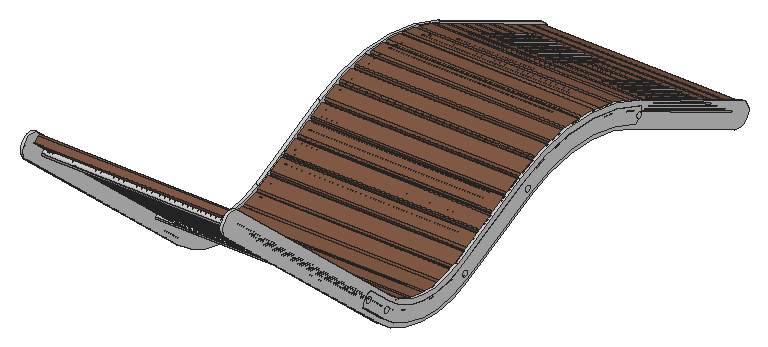
Revit family "FS_Лежак парковый_7_R16", category Антураж, Revit 2016
Family settings
  На основе рабочей плоскости = Нет
  Всегда вертикально = Да
  При загрузке вырезать с полостями = Нет
  Источник визуального образа = Геометрия семейства
  Общий = Нет
  Точка расчета площади = Нет
Parameters (values of type "Лежак парковый 7 0.67м")
  Стоимость = 24450
  Комментарии к типоразмеру = "Материалы: сталь, брус"  # constant formula
  Изготовитель = "ООО 'Хоббика'"  # constant formula
  Высота = 0 mm
  URL = "https://hobbyka.ru/product/parkovyy_lezhak_7/"
  ADSK_Размер_Ширина = 670 mm  # constant formula
  ADSK_Размер_Длина = 2230 mm  # constant formula
  ADSK_Размер_Высота = 691 mm  # constant formula
  ADSK_Наименование = "Лежак парковый 7 0.67м"
  ADSK_Материал опоры = FS_Сталь
  ADSK_Материал крепления = FS_Цинк
  ADSK_Материал доски = FS_Древесина
  ADSK_Код изделия = "10001"  # constant formula
Reference planes
  plane 1 "По центру (Вперед/Назад)": y = 0
  plane 2: z = 0
  plane 3 "По центру (Влево/Вправо)": x = 0
  plane 4: x = -335
  plane 5: x = 335
Forms (mm)
  Extrusion 1, solid, material "FS_Сталь" <- "ADSK_Материал опоры"
    sketch origin (0, 0, 0) x (0, 1, 0) y (0, 0, 1)
      loop
        circle (-1146.494, 612.625) r 9
      loop
        circle (-662.618, 206.605) r 9
      loop
        circle (-386.234, 41.643) r 9
      loop
        circle (-80.753, 145.982) r 9
      loop
        circle (617.034, 192.698) r 9
      loop
        circle (941.729, 48.135) r 9
    from -335 to 335
  Extrusion 2, solid, material "FS_Сталь" <- "ADSK_Материал опоры"
    sketch origin (0, 0, 0) x (0, 1, 0) y (0, 0, 1)
      loop
        circle (-1133.386, 609.458) r 1
      loop
        circle (-1115.001, 594.031) r 1
      loop
        circle (-1096.616, 578.605) r 1
      loop
        circle (-1078.231, 563.178) r 1
      loop
        circle (-1059.846, 547.751) r 1
      loop
        circle (-1041.461, 532.324) r 1
      loop
        circle (-1023.076, 516.897) r 1
      loop
        circle (-1004.691, 501.47) r 1
      loop
        circle (-986.306, 486.043) r 1
      loop
        circle (-967.92, 470.616) r 1
      loop
        circle (-949.535, 455.189) r 1
      loop
        circle (-931.15, 439.762) r 1
      loop
        circle (-912.765, 424.336) r 1
      loop
        circle (-894.38, 408.909) r 1
      loop
        circle (-875.995, 393.482) r 1
      loop
        circle (-857.61, 378.055) r 1
      loop
        circle (-839.225, 362.628) r 1
      loop
        circle (-820.84, 347.201) r 1
      loop
        circle (-802.455, 331.774) r 1
      loop
        circle (-784.07, 316.347) r 1
      loop
        circle (-765.685, 300.92) r 1
      loop
        circle (-747.3, 285.493) r 1
      loop
        circle (-728.915, 270.066) r 1
      loop
        circle (-710.53, 254.64) r 1
      loop
        circle (-692.144, 239.213) r 1
      loop
        circle (-673.759, 223.786) r 1
      loop
        circle (-655.374, 208.359) r 1
      loop
        circle (-636.989, 192.932) r 1
      loop
        circle (-618.604, 177.505) r 1
      loop
        circle (-600.219, 162.078) r 1
      loop
        circle (-581.834, 146.651) r 1
      loop
        circle (-563.449, 131.224) r 1
      loop
        circle (-545.064, 115.797) r 1
      loop
        circle (-526.146, 101.039) r 1
      loop
        circle (-506.091, 87.869) r 1
      loop
        circle (-485.028, 76.378) r 1
      loop
        circle (-463.098, 66.643) r 1
      loop
        circle (-440.448, 58.729) r 1
      loop
        circle (-417.227, 52.688) r 1
      loop
        circle (-393.592, 48.56) r 1
      loop
        circle (-369.698, 46.374) r 1
      loop
        circle (-345.706, 46.143) r 1
      loop
        circle (-321.775, 47.869) r 1
      loop
        circle (-298.064, 51.541) r 1
      loop
        circle (-274.732, 57.134) r 1
      loop
        circle (-251.933, 64.611) r 1
      loop
        circle (-229.82, 73.923) r 1
      loop
        circle (-208.467, 84.871) r 1
      loop
        circle (-187.276, 96.139) r 1
      loop
        circle (-166.085, 107.406) r 1
      loop
        circle (-144.894, 118.673) r 1
      loop
        circle (-123.704, 129.941) r 1
      loop
        circle (-102.513, 141.208) r 1
      loop
        circle (-81.322, 152.475) r 1
      loop
        circle (-60.131, 163.742) r 1
      loop
        circle (-38.941, 175.01) r 1
      loop
        circle (-17.75, 186.277) r 1
      loop
        circle (3.441, 197.544) r 1
      loop
        circle (24.631, 208.812) r 1
      loop
        circle (45.822, 220.079) r 1
      loop
        circle (67.174, 231.034) r 1
      loop
        circle (88.979, 241.056) r 1
      loop
        circle (111.204, 250.11) r 1
      loop
        circle (133.805, 258.179) r 1
      loop
        circle (156.738, 265.247) r 1
      loop
        circle (179.961, 271.3) r 1
      loop
        circle (203.426, 276.328) r 1
      loop
        circle (227.09, 280.319) r 1
      loop
        circle (250.906, 283.266) r 1
      loop
        circle (274.829, 285.164) r 1
      loop
        circle (298.812, 286.009) r 1
      loop
        circle (322.81, 285.8) r 1
      loop
        circle (346.774, 284.536) r 1
      loop
        circle (370.66, 282.22) r 1
      loop
        circle (394.422, 278.857) r 1
      loop
        circle (418.012, 274.453) r 1
      loop
        circle (441.386, 269.016) r 1
      loop
        circle (464.499, 262.558) r 1
      loop
        circle (487.306, 255.091) r 1
      loop
        circle (509.762, 246.628) r 1
      loop
        circle (531.831, 237.201) r 1
      loop
        circle (553.756, 227.439) r 1
      loop
        circle (575.682, 217.677) r 1
      loop
        circle (597.607, 207.916) r 1
      loop
        circle (619.532, 198.154) r 1
      loop
        circle (641.457, 188.392) r 1
      loop
        circle (663.382, 178.631) r 1
      loop
        circle (685.307, 168.869) r 1
      loop
        circle (707.232, 159.107) r 1
      loop
        circle (729.157, 149.346) r 1
      loop
        circle (751.082, 139.584) r 1
      loop
        circle (773.007, 129.822) r 1
      loop
        circle (794.932, 120.061) r 1
      loop
        circle (816.858, 110.299) r 1
      loop
        circle (838.783, 100.537) r 1
      loop
        circle (860.708, 90.776) r 1
      loop
        circle (882.633, 81.014) r 1
      loop
        circle (904.558, 71.252) r 1
      loop
        circle (926.483, 61.491) r 1
    from -335 to 335
  Sweep 3, solid, material "FS_Сталь" <- "ADSK_Материал опоры"
    path origin (0, 0, 0) x (0, 1, 0) y (0, 0, 1)
      loop
        line (-1142.694, 617.153) -> (-543.855, 114.783)
        arc (-543.855, 114.783) -> (-385.607, 47.61) -> (-216.851, 80.413) r 294
        line (-216.851, 80.413) -> (49.711, 222.147)
        arc (49.711, 222.147) -> (286.987, 285.725) -> (528.12, 238.853) r 546
        line (528.12, 238.853) -> (944.17, 53.616)
    profile "Профиль_Круг : D2" origin (0, -843.274, 365.968) x (0, 0.642701, 0.766117) y (1, 0, 0)
      loop
        circle (0, 0) r 1
  Sweep 4, solid, material "FS_Сталь" <- "ADSK_Материал опоры"
    path origin (-23.9, 0, 0) x (0, 1, 0) y (0, 0, 1)
      loop
        line (-1142.694, 617.153) -> (-543.855, 114.783)
        arc (-543.855, 114.783) -> (-385.607, 47.61) -> (-216.851, 80.413) r 294
        line (-216.851, 80.413) -> (49.71, 222.146)
        arc (49.71, 222.146) -> (286.987, 285.725) -> (528.12, 238.853) r 546
        line (528.12, 238.853) -> (944.17, 53.616)
    profile "Профиль_Круг : D2" origin (-23.9, -843.274, 365.968) x (0, 0.642701, 0.766117) y (1, 0, 0)
      loop
        circle (0, 0) r 1
  Sweep 5, solid, material "FS_Сталь" <- "ADSK_Материал опоры"
    path origin (-47.8, 0, 0) x (0, 1, 0) y (0, 0, 1)
      loop
        line (-1142.694, 617.153) -> (-543.855, 114.783)
        arc (-543.855, 114.783) -> (-385.607, 47.61) -> (-216.851, 80.413) r 294
        line (-216.851, 80.413) -> (49.71, 222.146)
        arc (49.71, 222.146) -> (286.987, 285.725) -> (528.12, 238.853) r 546
        line (528.12, 238.853) -> (944.17, 53.616)
    profile "Профиль_Круг : D2" origin (-47.8, -843.274, 365.968) x (0, 0.642701, 0.766117) y (1, 0, 0)
      loop
        circle (0, 0) r 1
  Sweep 6, solid, material "FS_Сталь" <- "ADSK_Материал опоры"
    path origin (-71.7, 0, 0) x (0, 1, 0) y (0, 0, 1)
      loop
        line (-1142.694, 617.153) -> (-543.855, 114.783)
        arc (-543.855, 114.783) -> (-385.607, 47.61) -> (-216.851, 80.413) r 294
        line (-216.851, 80.413) -> (49.71, 222.146)
        arc (49.71, 222.146) -> (286.987, 285.725) -> (528.12, 238.853) r 546
        line (528.12, 238.853) -> (944.17, 53.616)
    profile "Профиль_Круг : D2" origin (-71.7, -843.274, 365.968) x (0, 0.642701, 0.766117) y (1, 0, 0)
      loop
        circle (0, 0) r 1
  Sweep 7, solid, material "FS_Сталь" <- "ADSK_Материал опоры"
    path origin (-95.6, 0, 0) x (0, 1, 0) y (0, 0, 1)
      loop
        line (-1142.694, 617.153) -> (-543.855, 114.783)
        arc (-543.855, 114.783) -> (-385.607, 47.61) -> (-216.851, 80.413) r 294
        line (-216.851, 80.413) -> (49.71, 222.146)
        arc (49.71, 222.146) -> (286.987, 285.725) -> (528.12, 238.853) r 546
        line (528.12, 238.853) -> (944.17, 53.616)
    profile "Профиль_Круг : D2" origin (-95.6, -843.274, 365.968) x (0, 0.642701, 0.766117) y (1, 0, 0)
      loop
        circle (0, 0) r 1
  Sweep 8, solid, material "FS_Сталь" <- "ADSK_Материал опоры"
    path origin (-119.5, 0, 0) x (0, 1, 0) y (0, 0, 1)
      loop
        line (-1142.694, 617.153) -> (-543.855, 114.783)
        arc (-543.855, 114.783) -> (-385.607, 47.61) -> (-216.851, 80.413) r 294
        line (-216.851, 80.413) -> (49.71, 222.146)
        arc (49.71, 222.146) -> (286.987, 285.725) -> (528.12, 238.853) r 546
        line (528.12, 238.853) -> (944.17, 53.616)
    profile "Профиль_Круг : D2" origin (-119.5, -843.274, 365.968) x (0, 0.642701, 0.766117) y (1, 0, 0)
      loop
        circle (0, 0) r 1
  Sweep 9, solid, material "FS_Сталь" <- "ADSK_Материал опоры"
    path origin (-143.4, 0, 0) x (0, 1, 0) y (0, 0, 1)
      loop
        line (-1142.694, 617.153) -> (-543.855, 114.783)
        arc (-543.855, 114.783) -> (-385.607, 47.61) -> (-216.851, 80.413) r 294
        line (-216.851, 80.413) -> (49.71, 222.146)
        arc (49.71, 222.146) -> (286.987, 285.725) -> (528.12, 238.853) r 546
        line (528.12, 238.853) -> (944.17, 53.616)
    profile "Профиль_Круг : D2" origin (-143.4, -843.274, 365.968) x (0, 0.642701, 0.766117) y (1, 0, 0)
      loop
        circle (0, 0) r 1
  Sweep 10, solid, material "FS_Сталь" <- "ADSK_Материал опоры"
    path origin (-167.3, 0, 0) x (0, 1, 0) y (0, 0, 1)
      loop
        line (-1142.694, 617.153) -> (-543.855, 114.783)
        arc (-543.855, 114.783) -> (-385.607, 47.61) -> (-216.851, 80.413) r 294
        line (-216.851, 80.413) -> (49.71, 222.146)
        arc (49.71, 222.146) -> (286.987, 285.725) -> (528.12, 238.853) r 546
        line (528.12, 238.853) -> (944.17, 53.616)
    profile "Профиль_Круг : D2" origin (-167.3, -843.274, 365.968) x (0, 0.642701, 0.766117) y (1, 0, 0)
      loop
        circle (0, 0) r 1
  Sweep 11, solid, material "FS_Сталь" <- "ADSK_Материал опоры"
    path origin (-191.2, 0, 0) x (0, 1, 0) y (0, 0, 1)
      loop
        line (-1142.694, 617.153) -> (-543.855, 114.783)
        arc (-543.855, 114.783) -> (-385.607, 47.61) -> (-216.851, 80.413) r 294
        line (-216.851, 80.413) -> (49.71, 222.146)
        arc (49.71, 222.146) -> (286.987, 285.725) -> (528.12, 238.853) r 546
        line (528.12, 238.853) -> (944.17, 53.616)
    profile "Профиль_Круг : D2" origin (-191.2, -843.274, 365.968) x (0, 0.642701, 0.766117) y (1, 0, 0)
      loop
        circle (0, 0) r 1
  Sweep 12, solid, material "FS_Сталь" <- "ADSK_Материал опоры"
    path origin (-215.1, 0, 0) x (0, 1, 0) y (0, 0, 1)
      loop
        line (-1142.694, 617.153) -> (-543.855, 114.783)
        arc (-543.855, 114.783) -> (-385.607, 47.61) -> (-216.851, 80.413) r 294
        line (-216.851, 80.413) -> (49.71, 222.146)
        arc (49.71, 222.146) -> (286.987, 285.725) -> (528.12, 238.853) r 546
        line (528.12, 238.853) -> (944.17, 53.616)
    profile "Профиль_Круг : D2" origin (-215.1, -843.274, 365.968) x (0, 0.642701, 0.766117) y (1, 0, 0)
      loop
        circle (0, 0) r 1
  Sweep 13, solid, material "FS_Сталь" <- "ADSK_Материал опоры"
    path origin (-239, 0, 0) x (0, 1, 0) y (0, 0, 1)
      loop
        line (-1142.694, 617.153) -> (-543.855, 114.783)
        arc (-543.855, 114.783) -> (-385.607, 47.61) -> (-216.851, 80.413) r 294
        line (-216.851, 80.413) -> (49.71, 222.146)
        arc (49.71, 222.146) -> (286.987, 285.725) -> (528.12, 238.853) r 546
        line (528.12, 238.853) -> (944.17, 53.616)
    profile "Профиль_Круг : D2" origin (-239, -843.274, 365.968) x (0, 0.642701, 0.766117) y (1, 0, 0)
      loop
        circle (0, 0) r 1
  Sweep 14, solid, material "FS_Сталь" <- "ADSK_Материал опоры"
    path origin (-262.9, 0, 0) x (0, 1, 0) y (0, 0, 1)
      loop
        line (-1142.694, 617.153) -> (-543.855, 114.783)
        arc (-543.855, 114.783) -> (-385.607, 47.61) -> (-216.851, 80.413) r 294
        line (-216.851, 80.413) -> (49.71, 222.146)
        arc (49.71, 222.146) -> (286.987, 285.725) -> (528.12, 238.853) r 546
        line (528.12, 238.853) -> (944.17, 53.616)
    profile "Профиль_Круг : D2" origin (-262.9, -843.274, 365.968) x (0, 0.642701, 0.766117) y (1, 0, 0)
      loop
        circle (0, 0) r 1
  Sweep 15, solid, material "FS_Сталь" <- "ADSK_Материал опоры"
    path origin (-286.8, 0, 0) x (0, 1, 0) y (0, 0, 1)
      loop
        line (-1142.694, 617.153) -> (-543.855, 114.783)
        arc (-543.855, 114.783) -> (-385.607, 47.61) -> (-216.851, 80.413) r 294
        line (-216.851, 80.413) -> (49.71, 222.146)
        arc (49.71, 222.146) -> (286.987, 285.725) -> (528.12, 238.853) r 546
        line (528.12, 238.853) -> (944.17, 53.616)
    profile "Профиль_Круг : D2" origin (-286.8, -843.274, 365.968) x (0, 0.642701, 0.766117) y (1, 0, 0)
      loop
        circle (0, 0) r 1
  Sweep 16, solid, material "FS_Сталь" <- "ADSK_Материал опоры"
    path origin (-310.7, 0, 0) x (0, 1, 0) y (0, 0, 1)
      loop
        line (-1142.694, 617.153) -> (-543.855, 114.783)
        arc (-543.855, 114.783) -> (-385.607, 47.61) -> (-216.851, 80.413) r 294
        line (-216.851, 80.413) -> (49.71, 222.146)
        arc (49.71, 222.146) -> (286.987, 285.725) -> (528.12, 238.853) r 546
        line (528.12, 238.853) -> (944.17, 53.616)
    profile "Профиль_Круг : D2" origin (-310.7, -843.274, 365.968) x (0, 0.642701, 0.766117) y (1, 0, 0)
      loop
        circle (0, 0) r 1
  Sweep 17, solid, material "FS_Сталь" <- "ADSK_Материал опоры"
    path origin (-334, 0, 0) x (0, 1, 0) y (0, 0, 1)
      loop
        line (-1142.694, 617.153) -> (-543.855, 114.783)
        arc (-543.855, 114.783) -> (-385.607, 47.61) -> (-216.851, 80.413) r 294
        line (-216.851, 80.413) -> (49.71, 222.146)
        arc (49.71, 222.146) -> (286.987, 285.725) -> (528.12, 238.853) r 546
        line (528.12, 238.853) -> (944.17, 53.616)
    profile "Профиль_Круг : D2" origin (-334, -843.274, 365.968) x (0, 0.642701, 0.766117) y (1, 0, 0)
      loop
        circle (0, 0) r 1
  Sweep 18, solid, material "FS_Сталь" <- "ADSK_Материал опоры"
    path origin (23.9, 0, 0) x (0, 1, 0) y (0, 0, -1)
      loop
        line (-1142.694, -617.153) -> (-543.855, -114.783)
        arc (-543.855, -114.783) -> (-385.607, -47.61) -> (-216.851, -80.413) r 294
        line (-216.851, -80.413) -> (49.71, -222.146)
        arc (49.71, -222.146) -> (286.987, -285.725) -> (528.12, -238.853) r 546
        line (528.12, -238.853) -> (944.17, -53.616)
    profile "Профиль_Круг : D2" origin (23.9, -843.274, 365.968) x (0, -0.642701, -0.766117) y (-1, 0, 0)
      loop
        circle (0, 0) r 1
  Sweep 19, solid, material "FS_Сталь" <- "ADSK_Материал опоры"
    path origin (47.8, 0, 0) x (0, 1, 0) y (0, 0, -1)
      loop
        line (-1142.694, -617.153) -> (-543.855, -114.783)
        arc (-543.855, -114.783) -> (-385.607, -47.61) -> (-216.851, -80.413) r 294
        line (-216.851, -80.413) -> (49.71, -222.146)
        arc (49.71, -222.146) -> (286.987, -285.725) -> (528.12, -238.853) r 546
        line (528.12, -238.853) -> (944.17, -53.616)
    profile "Профиль_Круг : D2" origin (47.8, -843.274, 365.968) x (0, -0.642701, -0.766117) y (-1, 0, 0)
      loop
        circle (0, 0) r 1
  Sweep 20, solid, material "FS_Сталь" <- "ADSK_Материал опоры"
    path origin (71.7, 0, 0) x (0, 1, 0) y (0, 0, -1)
      loop
        line (-1142.694, -617.153) -> (-543.855, -114.783)
        arc (-543.855, -114.783) -> (-385.607, -47.61) -> (-216.851, -80.413) r 294
        line (-216.851, -80.413) -> (49.71, -222.146)
        arc (49.71, -222.146) -> (286.987, -285.725) -> (528.12, -238.853) r 546
        line (528.12, -238.853) -> (944.17, -53.616)
    profile "Профиль_Круг : D2" origin (71.7, -843.274, 365.968) x (0, -0.642701, -0.766117) y (-1, 0, 0)
      loop
        circle (0, 0) r 1
  Sweep 21, solid, material "FS_Сталь" <- "ADSK_Материал опоры"
    path origin (95.6, 0, 0) x (0, 1, 0) y (0, 0, -1)
      loop
        line (-1142.694, -617.153) -> (-543.855, -114.783)
        arc (-543.855, -114.783) -> (-385.607, -47.61) -> (-216.851, -80.413) r 294
        line (-216.851, -80.413) -> (49.71, -222.146)
        arc (49.71, -222.146) -> (286.987, -285.725) -> (528.12, -238.853) r 546
        line (528.12, -238.853) -> (944.17, -53.616)
    profile "Профиль_Круг : D2" origin (95.6, -843.274, 365.968) x (0, -0.642701, -0.766117) y (-1, 0, 0)
      loop
        circle (0, 0) r 1
  Sweep 22, solid, material "FS_Сталь" <- "ADSK_Материал опоры"
    path origin (119.5, 0, 0) x (0, 1, 0) y (0, 0, -1)
      loop
        line (-1142.694, -617.153) -> (-543.855, -114.783)
        arc (-543.855, -114.783) -> (-385.607, -47.61) -> (-216.851, -80.413) r 294
        line (-216.851, -80.413) -> (49.71, -222.146)
        arc (49.71, -222.146) -> (286.987, -285.725) -> (528.12, -238.853) r 546
        line (528.12, -238.853) -> (944.17, -53.616)
    profile "Профиль_Круг : D2" origin (119.5, -843.274, 365.968) x (0, -0.642701, -0.766117) y (-1, 0, 0)
      loop
        circle (0, 0) r 1
  Sweep 23, solid, material "FS_Сталь" <- "ADSK_Материал опоры"
    path origin (143.4, 0, 0) x (0, 1, 0) y (0, 0, -1)
      loop
        line (-1142.694, -617.153) -> (-543.855, -114.783)
        arc (-543.855, -114.783) -> (-385.607, -47.61) -> (-216.851, -80.413) r 294
        line (-216.851, -80.413) -> (49.71, -222.146)
        arc (49.71, -222.146) -> (286.987, -285.725) -> (528.12, -238.853) r 546
        line (528.12, -238.853) -> (944.17, -53.616)
    profile "Профиль_Круг : D2" origin (143.4, -843.274, 365.968) x (0, -0.642701, -0.766117) y (-1, 0, 0)
      loop
        circle (0, 0) r 1
  Sweep 24, solid, material "FS_Сталь" <- "ADSK_Материал опоры"
    path origin (167.3, 0, 0) x (0, 1, 0) y (0, 0, -1)
      loop
        line (-1142.694, -617.153) -> (-543.855, -114.783)
        arc (-543.855, -114.783) -> (-385.607, -47.61) -> (-216.851, -80.413) r 294
        line (-216.851, -80.413) -> (49.71, -222.146)
        arc (49.71, -222.146) -> (286.987, -285.725) -> (528.12, -238.853) r 546
        line (528.12, -238.853) -> (944.17, -53.616)
    profile "Профиль_Круг : D2" origin (167.3, -843.274, 365.968) x (0, -0.642701, -0.766117) y (-1, 0, 0)
      loop
        circle (0, 0) r 1
  Sweep 25, solid, material "FS_Сталь" <- "ADSK_Материал опоры"
    path origin (191.2, 0, 0) x (0, 1, 0) y (0, 0, -1)
      loop
        line (-1142.694, -617.153) -> (-543.855, -114.783)
        arc (-543.855, -114.783) -> (-385.607, -47.61) -> (-216.851, -80.413) r 294
        line (-216.851, -80.413) -> (49.71, -222.146)
        arc (49.71, -222.146) -> (286.987, -285.725) -> (528.12, -238.853) r 546
        line (528.12, -238.853) -> (944.17, -53.616)
    profile "Профиль_Круг : D2" origin (191.2, -843.274, 365.968) x (0, -0.642701, -0.766117) y (-1, 0, 0)
      loop
        circle (0, 0) r 1
  Sweep 26, solid, material "FS_Сталь" <- "ADSK_Материал опоры"
    path origin (215.1, 0, 0) x (0, 1, 0) y (0, 0, -1)
      loop
        line (-1142.694, -617.153) -> (-543.855, -114.783)
        arc (-543.855, -114.783) -> (-385.607, -47.61) -> (-216.851, -80.413) r 294
        line (-216.851, -80.413) -> (49.71, -222.146)
        arc (49.71, -222.146) -> (286.987, -285.725) -> (528.12, -238.853) r 546
        line (528.12, -238.853) -> (944.17, -53.616)
    profile "Профиль_Круг : D2" origin (215.1, -843.274, 365.968) x (0, -0.642701, -0.766117) y (-1, 0, 0)
      loop
        circle (0, 0) r 1
  Sweep 27, solid, material "FS_Сталь" <- "ADSK_Материал опоры"
    path origin (239, 0, 0) x (0, 1, 0) y (0, 0, -1)
      loop
        line (-1142.694, -617.153) -> (-543.855, -114.783)
        arc (-543.855, -114.783) -> (-385.607, -47.61) -> (-216.851, -80.413) r 294
        line (-216.851, -80.413) -> (49.71, -222.146)
        arc (49.71, -222.146) -> (286.987, -285.725) -> (528.12, -238.853) r 546
        line (528.12, -238.853) -> (944.17, -53.616)
    profile "Профиль_Круг : D2" origin (239, -843.274, 365.968) x (0, -0.642701, -0.766117) y (-1, 0, 0)
      loop
        circle (0, 0) r 1
  Sweep 28, solid, material "FS_Сталь" <- "ADSK_Материал опоры"
    path origin (262.9, 0, 0) x (0, 1, 0) y (0, 0, -1)
      loop
        line (-1142.694, -617.153) -> (-543.855, -114.783)
        arc (-543.855, -114.783) -> (-385.607, -47.61) -> (-216.851, -80.413) r 294
        line (-216.851, -80.413) -> (49.71, -222.146)
        arc (49.71, -222.146) -> (286.987, -285.725) -> (528.12, -238.853) r 546
        line (528.12, -238.853) -> (944.17, -53.616)
    profile "Профиль_Круг : D2" origin (262.9, -843.274, 365.968) x (0, -0.642701, -0.766117) y (-1, 0, 0)
      loop
        circle (0, 0) r 1
  Sweep 29, solid, material "FS_Сталь" <- "ADSK_Материал опоры"
    path origin (286.8, 0, 0) x (0, 1, 0) y (0, 0, -1)
      loop
        line (-1142.694, -617.153) -> (-543.855, -114.783)
        arc (-543.855, -114.783) -> (-385.607, -47.61) -> (-216.851, -80.413) r 294
        line (-216.851, -80.413) -> (49.71, -222.146)
        arc (49.71, -222.146) -> (286.987, -285.725) -> (528.12, -238.853) r 546
        line (528.12, -238.853) -> (944.17, -53.616)
    profile "Профиль_Круг : D2" origin (286.8, -843.274, 365.968) x (0, -0.642701, -0.766117) y (-1, 0, 0)
      loop
        circle (0, 0) r 1
  Sweep 30, solid, material "FS_Сталь" <- "ADSK_Материал опоры"
    path origin (310.7, 0, 0) x (0, 1, 0) y (0, 0, -1)
      loop
        line (-1142.694, -617.153) -> (-543.855, -114.783)
        arc (-543.855, -114.783) -> (-385.607, -47.61) -> (-216.851, -80.413) r 294
        line (-216.851, -80.413) -> (49.71, -222.146)
        arc (49.71, -222.146) -> (286.987, -285.725) -> (528.12, -238.853) r 546
        line (528.12, -238.853) -> (944.17, -53.616)
    profile "Профиль_Круг : D2" origin (310.7, -843.274, 365.968) x (0, -0.642701, -0.766117) y (-1, 0, 0)
      loop
        circle (0, 0) r 1
  Sweep 31, solid, material "FS_Сталь" <- "ADSK_Материал опоры"
    path origin (334, 0, 0) x (0, 1, 0) y (0, 0, -1)
      loop
        line (-1142.694, -617.153) -> (-543.855, -114.783)
        arc (-543.855, -114.783) -> (-385.607, -47.61) -> (-216.851, -80.413) r 294
        line (-216.851, -80.413) -> (49.71, -222.146)
        arc (49.71, -222.146) -> (286.987, -285.725) -> (528.12, -238.853) r 546
        line (528.12, -238.853) -> (944.17, -53.616)
    profile "Профиль_Круг : D2" origin (334, -843.274, 365.968) x (0, -0.642701, -0.766117) y (-1, 0, 0)
      loop
        circle (0, 0) r 1
Dimensions and locks
  "ADSK_Размер_Ширина": plane 4 to plane 5
  equal spacing: plane 4, plane 3 "По центру (Влево/Вправо)", plane 5
  aligned and locked: level to plane 2
  aligned and locked: nested 1 to plane 5
  aligned and locked: nested 2 to plane 4
  aligned and locked: plane 1 "По центру (Вперед/Назад)" to nested 1
  aligned and locked: nested 2 to plane 1 "По центру (Вперед/Назад)"
  aligned and locked: Extrusion 1 to plane 5
  aligned and locked: Extrusion 1 to plane 4
  aligned and locked: Extrusion 2 to plane 4
Automatic sketch dimensions
  plane 1 "По центру (Вперед/Назад)" to Extrusion 2 sketch curve = 1133.386 mm
  Extrusion 2 sketch curve to Extrusion 2 sketch curve = 18.385 mm  (x32)
  Extrusion 2 sketch curve to Extrusion 2 sketch curve = 18.918 mm
  Extrusion 2 sketch curve to Extrusion 2 sketch curve = 20.056 mm
  Extrusion 2 sketch curve to Extrusion 2 sketch curve = 21.063 mm
  Extrusion 2 sketch curve to Extrusion 2 sketch curve = 21.93 mm
  Extrusion 2 sketch curve to Extrusion 2 sketch curve = 22.65 mm
  Extrusion 2 sketch curve to Extrusion 2 sketch curve = 23.22 mm
  Extrusion 2 sketch curve to Extrusion 2 sketch curve = 23.636 mm
  Extrusion 2 sketch curve to Extrusion 2 sketch curve = 23.894 mm
  Extrusion 2 sketch curve to Extrusion 2 sketch curve = 23.992 mm
  Extrusion 2 sketch curve to Extrusion 2 sketch curve = 23.931 mm
  Extrusion 2 sketch curve to Extrusion 2 sketch curve = 23.711 mm
  Extrusion 2 sketch curve to Extrusion 2 sketch curve = 23.332 mm
  Extrusion 2 sketch curve to Extrusion 2 sketch curve = 22.799 mm
  Extrusion 2 sketch curve to Extrusion 2 sketch curve = 22.113 mm
  Extrusion 2 sketch curve to Extrusion 2 sketch curve = 21.353 mm
  Extrusion 2 sketch curve to Extrusion 2 sketch curve = 21.191 mm  (x10)
  plane 1 "По центру (Вперед/Назад)" to Extrusion 2 sketch curve = 17.75 mm
  Extrusion 2 sketch curve to plane 1 "По центру (Вперед/Назад)" = 3.441 mm
  Extrusion 2 sketch curve to Extrusion 2 sketch curve = 21.352 mm
  Extrusion 2 sketch curve to Extrusion 2 sketch curve = 21.805 mm
  Extrusion 2 sketch curve to Extrusion 2 sketch curve = 22.224 mm
  Extrusion 2 sketch curve to Extrusion 2 sketch curve = 22.601 mm
  Extrusion 2 sketch curve to Extrusion 2 sketch curve = 22.934 mm
  Extrusion 2 sketch curve to Extrusion 2 sketch curve = 23.222 mm
  Extrusion 2 sketch curve to Extrusion 2 sketch curve = 23.466 mm
  Extrusion 2 sketch curve to Extrusion 2 sketch curve = 23.664 mm
  Extrusion 2 sketch curve to Extrusion 2 sketch curve = 23.816 mm
  Extrusion 2 sketch curve to Extrusion 2 sketch curve = 23.923 mm
  Extrusion 2 sketch curve to Extrusion 2 sketch curve = 23.983 mm
  Extrusion 2 sketch curve to Extrusion 2 sketch curve = 23.997 mm
  Extrusion 2 sketch curve to Extrusion 2 sketch curve = 23.965 mm
  Extrusion 2 sketch curve to Extrusion 2 sketch curve = 23.886 mm
  Extrusion 2 sketch curve to Extrusion 2 sketch curve = 23.761 mm
  Extrusion 2 sketch curve to Extrusion 2 sketch curve = 23.591 mm
  Extrusion 2 sketch curve to Extrusion 2 sketch curve = 23.374 mm
  Extrusion 2 sketch curve to Extrusion 2 sketch curve = 23.113 mm
  Extrusion 2 sketch curve to Extrusion 2 sketch curve = 22.807 mm
  Extrusion 2 sketch curve to Extrusion 2 sketch curve = 22.456 mm
  Extrusion 2 sketch curve to Extrusion 2 sketch curve = 22.069 mm
  Extrusion 2 sketch curve to Extrusion 2 sketch curve = 21.925 mm  (x18)
  level to Extrusion 2 sketch curve = 46.143 mm
  Extrusion 2 sketch curve to Extrusion 2 sketch curve = 0.231 mm
  Extrusion 2 sketch curve to Extrusion 2 sketch curve = 1.726 mm
  Extrusion 2 sketch curve to Extrusion 2 sketch curve = 2.186 mm
  Extrusion 2 sketch curve to Extrusion 2 sketch curve = 3.672 mm
  Extrusion 2 sketch curve to Extrusion 2 sketch curve = 4.128 mm
  Extrusion 2 sketch curve to Extrusion 2 sketch curve = 5.593 mm
  Extrusion 2 sketch curve to Extrusion 2 sketch curve = 6.041 mm
  level to Extrusion 2 sketch curve = 61.491 mm
  Extrusion 2 sketch curve to Extrusion 2 sketch curve = 7.477 mm
  Extrusion 2 sketch curve to Extrusion 2 sketch curve = 7.914 mm
  Extrusion 2 sketch curve to Extrusion 2 sketch curve = 9.762 mm  (x18)
  Extrusion 2 sketch curve to Extrusion 2 sketch curve = 9.311 mm
  Extrusion 2 sketch curve to Extrusion 2 sketch curve = 9.735 mm
  Extrusion 2 sketch curve to Extrusion 2 sketch curve = 10.949 mm
  Extrusion 2 sketch curve to Extrusion 2 sketch curve = 11.491 mm
  Extrusion 2 sketch curve to Extrusion 2 sketch curve = 11.267 mm  (x12)
  Extrusion 2 sketch curve to Extrusion 2 sketch curve = 13.17 mm
  Extrusion 2 sketch curve to Extrusion 2 sketch curve = 14.758 mm
  Extrusion 2 sketch curve to Extrusion 2 sketch curve = 15.427 mm  (x32)
  Extrusion 2 sketch curve to Extrusion 2 sketch curve = 10.955 mm
  Extrusion 2 sketch curve to Extrusion 2 sketch curve = 10.022 mm
  Extrusion 2 sketch curve to Extrusion 2 sketch curve = 9.427 mm
  Extrusion 2 sketch curve to Extrusion 2 sketch curve = 9.054 mm
  Extrusion 2 sketch curve to Extrusion 2 sketch curve = 8.463 mm
  Extrusion 2 sketch curve to Extrusion 2 sketch curve = 8.069 mm
  Extrusion 2 sketch curve to Extrusion 2 sketch curve = 7.468 mm
  Extrusion 2 sketch curve to Extrusion 2 sketch curve = 7.068 mm
  Extrusion 2 sketch curve to Extrusion 2 sketch curve = 6.458 mm
  Extrusion 2 sketch curve to Extrusion 2 sketch curve = 6.053 mm
  Extrusion 2 sketch curve to Extrusion 2 sketch curve = 5.436 mm
  Extrusion 2 sketch curve to Extrusion 2 sketch curve = 5.027 mm
  Extrusion 2 sketch curve to Extrusion 2 sketch curve = 4.404 mm
  Extrusion 2 sketch curve to Extrusion 2 sketch curve = 3.991 mm
  Extrusion 2 sketch curve to Extrusion 2 sketch curve = 3.363 mm
  Extrusion 2 sketch curve to Extrusion 2 sketch curve = 2.947 mm
  Extrusion 2 sketch curve to Extrusion 2 sketch curve = 2.316 mm
  Extrusion 2 sketch curve to Extrusion 2 sketch curve = 1.898 mm
  Extrusion 2 sketch curve to Extrusion 2 sketch curve = 1.264 mm
  Extrusion 2 sketch curve to Extrusion 2 sketch curve = 0.845 mm
  level to Sweep 3 sketch curve = 114.783 mm
  plane 1 "По центру (Вперед/Назад)" to Sweep 3 sketch curve = 543.855 mm
  Sweep 3 sketch curve to Sweep 3 sketch curve = 188.98 mm
  level to Sweep 3 sketch curve = 80.413 mm
  plane 1 "По центру (Вперед/Назад)" to Sweep 3 sketch curve = 216.851 mm
  Sweep 3 sketch curve to plane 1 "По центру (Вперед/Назад)" = 49.711 mm
  Sweep 3 sketch curve to plane 1 "По центру (Вперед/Назад)" = 306.042 mm
  level to Sweep 3 sketch curve = 238.853 mm
  Sweep 3 sketch curve to Sweep 3 sketch curve = 478.41 mm
  Sweep 3 sketch curve to level = 259.943 mm
  Sweep 3 sketch curve to Sweep 3 sketch curve = 598.839 mm
  level to Sweep 3 sketch curve = 53.616 mm
  Sweep 3 sketch curve to Sweep 3 sketch curve = 416.049 mm
  level to Sweep 3 sketch curve = 617.153 mm
  level to Sweep 4 sketch curve = 114.783 mm
  plane 1 "По центру (Вперед/Назад)" to Sweep 4 sketch curve = 543.855 mm
  Sweep 4 sketch curve to Sweep 4 sketch curve = 188.98 mm
  level to Sweep 4 sketch curve = 80.413 mm
  plane 1 "По центру (Вперед/Назад)" to Sweep 4 sketch curve = 216.851 mm
  Sweep 4 sketch curve to plane 1 "По центру (Вперед/Назад)" = 49.71 mm
  Sweep 4 sketch curve to plane 1 "По центру (Вперед/Назад)" = 306.042 mm
  level to Sweep 4 sketch curve = 238.853 mm
  Sweep 4 sketch curve to Sweep 4 sketch curve = 478.41 mm
  Sweep 4 sketch curve to level = 259.943 mm
  Sweep 4 sketch curve to Sweep 4 sketch curve = 598.839 mm
  level to Sweep 4 sketch curve = 53.616 mm
  Sweep 4 sketch curve to Sweep 4 sketch curve = 416.049 mm
  level to Sweep 4 sketch curve = 617.153 mm
  level to Sweep 5 sketch curve = 114.783 mm
  plane 1 "По центру (Вперед/Назад)" to Sweep 5 sketch curve = 543.855 mm
  Sweep 5 sketch curve to Sweep 5 sketch curve = 188.98 mm
  level to Sweep 5 sketch curve = 80.413 mm
  plane 1 "По центру (Вперед/Назад)" to Sweep 5 sketch curve = 216.851 mm
  Sweep 5 sketch curve to plane 1 "По центру (Вперед/Назад)" = 49.71 mm
  Sweep 5 sketch curve to plane 1 "По центру (Вперед/Назад)" = 306.042 mm
  level to Sweep 5 sketch curve = 238.853 mm
  Sweep 5 sketch curve to Sweep 5 sketch curve = 478.41 mm
  Sweep 5 sketch curve to level = 259.943 mm
  Sweep 5 sketch curve to Sweep 5 sketch curve = 598.839 mm
  level to Sweep 5 sketch curve = 53.616 mm
  Sweep 5 sketch curve to Sweep 5 sketch curve = 416.049 mm
  level to Sweep 5 sketch curve = 617.153 mm
  level to Sweep 6 sketch curve = 114.783 mm
  plane 1 "По центру (Вперед/Назад)" to Sweep 6 sketch curve = 543.855 mm
  Sweep 6 sketch curve to Sweep 6 sketch curve = 188.98 mm
  level to Sweep 6 sketch curve = 80.413 mm
  plane 1 "По центру (Вперед/Назад)" to Sweep 6 sketch curve = 216.851 mm
  Sweep 6 sketch curve to plane 1 "По центру (Вперед/Назад)" = 49.71 mm
  Sweep 6 sketch curve to plane 1 "По центру (Вперед/Назад)" = 306.042 mm
  level to Sweep 6 sketch curve = 238.853 mm
  Sweep 6 sketch curve to Sweep 6 sketch curve = 478.41 mm
  Sweep 6 sketch curve to level = 259.943 mm
  Sweep 6 sketch curve to Sweep 6 sketch curve = 598.839 mm
  level to Sweep 6 sketch curve = 53.616 mm
  Sweep 6 sketch curve to Sweep 6 sketch curve = 416.049 mm
  level to Sweep 6 sketch curve = 617.153 mm
  level to Sweep 7 sketch curve = 114.783 mm
  plane 1 "По центру (Вперед/Назад)" to Sweep 7 sketch curve = 543.855 mm
  Sweep 7 sketch curve to Sweep 7 sketch curve = 188.98 mm
  level to Sweep 7 sketch curve = 80.413 mm
  plane 1 "По центру (Вперед/Назад)" to Sweep 7 sketch curve = 216.851 mm
  Sweep 7 sketch curve to plane 1 "По центру (Вперед/Назад)" = 49.71 mm
  Sweep 7 sketch curve to plane 1 "По центру (Вперед/Назад)" = 306.042 mm
  level to Sweep 7 sketch curve = 238.853 mm
  Sweep 7 sketch curve to Sweep 7 sketch curve = 478.41 mm
  Sweep 7 sketch curve to level = 259.943 mm
  Sweep 7 sketch curve to Sweep 7 sketch curve = 598.839 mm
  level to Sweep 7 sketch curve = 53.616 mm
  Sweep 7 sketch curve to Sweep 7 sketch curve = 416.049 mm
  level to Sweep 7 sketch curve = 617.153 mm
  level to Sweep 8 sketch curve = 114.783 mm
  plane 1 "По центру (Вперед/Назад)" to Sweep 8 sketch curve = 543.855 mm
  Sweep 8 sketch curve to Sweep 8 sketch curve = 188.98 mm
  level to Sweep 8 sketch curve = 80.413 mm
  plane 1 "По центру (Вперед/Назад)" to Sweep 8 sketch curve = 216.851 mm
  Sweep 8 sketch curve to plane 1 "По центру (Вперед/Назад)" = 49.71 mm
  Sweep 8 sketch curve to plane 1 "По центру (Вперед/Назад)" = 306.042 mm
  level to Sweep 8 sketch curve = 238.853 mm
  Sweep 8 sketch curve to Sweep 8 sketch curve = 478.41 mm
  Sweep 8 sketch curve to level = 259.943 mm
  Sweep 8 sketch curve to Sweep 8 sketch curve = 598.839 mm
  level to Sweep 8 sketch curve = 53.616 mm
  Sweep 8 sketch curve to Sweep 8 sketch curve = 416.049 mm
  level to Sweep 8 sketch curve = 617.153 mm
  level to Sweep 9 sketch curve = 114.783 mm
  plane 1 "По центру (Вперед/Назад)" to Sweep 9 sketch curve = 543.855 mm
  Sweep 9 sketch curve to Sweep 9 sketch curve = 188.98 mm
  level to Sweep 9 sketch curve = 80.413 mm
  plane 1 "По центру (Вперед/Назад)" to Sweep 9 sketch curve = 216.851 mm
  Sweep 9 sketch curve to plane 1 "По центру (Вперед/Назад)" = 49.71 mm
  Sweep 9 sketch curve to plane 1 "По центру (Вперед/Назад)" = 306.042 mm
  level to Sweep 9 sketch curve = 238.853 mm
  Sweep 9 sketch curve to Sweep 9 sketch curve = 478.41 mm
  Sweep 9 sketch curve to level = 259.943 mm
  Sweep 9 sketch curve to Sweep 9 sketch curve = 598.839 mm
  level to Sweep 9 sketch curve = 53.616 mm
  Sweep 9 sketch curve to Sweep 9 sketch curve = 416.049 mm
  level to Sweep 9 sketch curve = 617.153 mm
  level to Sweep 10 sketch curve = 114.783 mm
  plane 1 "По центру (Вперед/Назад)" to Sweep 10 sketch curve = 543.855 mm
  Sweep 10 sketch curve to Sweep 10 sketch curve = 188.98 mm
  level to Sweep 10 sketch curve = 80.413 mm
  plane 1 "По центру (Вперед/Назад)" to Sweep 10 sketch curve = 216.851 mm
  Sweep 10 sketch curve to plane 1 "По центру (Вперед/Назад)" = 49.71 mm
  Sweep 10 sketch curve to plane 1 "По центру (Вперед/Назад)" = 306.042 mm
  level to Sweep 10 sketch curve = 238.853 mm
  Sweep 10 sketch curve to Sweep 10 sketch curve = 478.41 mm
  Sweep 10 sketch curve to level = 259.943 mm
  Sweep 10 sketch curve to Sweep 10 sketch curve = 598.839 mm
  level to Sweep 10 sketch curve = 53.616 mm
  Sweep 10 sketch curve to Sweep 10 sketch curve = 416.049 mm
  level to Sweep 10 sketch curve = 617.153 mm
  level to Sweep 11 sketch curve = 114.783 mm
  plane 1 "По центру (Вперед/Назад)" to Sweep 11 sketch curve = 543.855 mm
  Sweep 11 sketch curve to Sweep 11 sketch curve = 188.98 mm
  level to Sweep 11 sketch curve = 80.413 mm
  plane 1 "По центру (Вперед/Назад)" to Sweep 11 sketch curve = 216.851 mm
  Sweep 11 sketch curve to plane 1 "По центру (Вперед/Назад)" = 49.71 mm
  Sweep 11 sketch curve to plane 1 "По центру (Вперед/Назад)" = 306.042 mm
  level to Sweep 11 sketch curve = 238.853 mm
  Sweep 11 sketch curve to Sweep 11 sketch curve = 478.41 mm
  Sweep 11 sketch curve to level = 259.943 mm
  Sweep 11 sketch curve to Sweep 11 sketch curve = 598.839 mm
  level to Sweep 11 sketch curve = 53.616 mm
  Sweep 11 sketch curve to Sweep 11 sketch curve = 416.049 mm
  level to Sweep 11 sketch curve = 617.153 mm
  level to Sweep 12 sketch curve = 114.783 mm
  plane 1 "По центру (Вперед/Назад)" to Sweep 12 sketch curve = 543.855 mm
  Sweep 12 sketch curve to Sweep 12 sketch curve = 188.98 mm
  level to Sweep 12 sketch curve = 80.413 mm
  plane 1 "По центру (Вперед/Назад)" to Sweep 12 sketch curve = 216.851 mm
  Sweep 12 sketch curve to plane 1 "По центру (Вперед/Назад)" = 49.71 mm
  Sweep 12 sketch curve to plane 1 "По центру (Вперед/Назад)" = 306.042 mm
  level to Sweep 12 sketch curve = 238.853 mm
  Sweep 12 sketch curve to Sweep 12 sketch curve = 478.41 mm
  Sweep 12 sketch curve to level = 259.943 mm
  Sweep 12 sketch curve to Sweep 12 sketch curve = 598.839 mm
  level to Sweep 12 sketch curve = 53.616 mm
  Sweep 12 sketch curve to Sweep 12 sketch curve = 416.049 mm
  level to Sweep 12 sketch curve = 617.153 mm
  level to Sweep 13 sketch curve = 114.783 mm
  plane 1 "По центру (Вперед/Назад)" to Sweep 13 sketch curve = 543.855 mm
  Sweep 13 sketch curve to Sweep 13 sketch curve = 188.98 mm
  level to Sweep 13 sketch curve = 80.413 mm
  plane 1 "По центру (Вперед/Назад)" to Sweep 13 sketch curve = 216.851 mm
  Sweep 13 sketch curve to plane 1 "По центру (Вперед/Назад)" = 49.71 mm
  Sweep 13 sketch curve to plane 1 "По центру (Вперед/Назад)" = 306.042 mm
  level to Sweep 13 sketch curve = 238.853 mm
  Sweep 13 sketch curve to Sweep 13 sketch curve = 478.41 mm
  Sweep 13 sketch curve to level = 259.943 mm
  Sweep 13 sketch curve to Sweep 13 sketch curve = 598.839 mm
  level to Sweep 13 sketch curve = 53.616 mm
  Sweep 13 sketch curve to Sweep 13 sketch curve = 416.049 mm
  level to Sweep 13 sketch curve = 617.153 mm
  level to Sweep 14 sketch curve = 114.783 mm
  plane 1 "По центру (Вперед/Назад)" to Sweep 14 sketch curve = 543.855 mm
  Sweep 14 sketch curve to Sweep 14 sketch curve = 188.98 mm
  level to Sweep 14 sketch curve = 80.413 mm
  plane 1 "По центру (Вперед/Назад)" to Sweep 14 sketch curve = 216.851 mm
  Sweep 14 sketch curve to plane 1 "По центру (Вперед/Назад)" = 49.71 mm
  Sweep 14 sketch curve to plane 1 "По центру (Вперед/Назад)" = 306.042 mm
  level to Sweep 14 sketch curve = 238.853 mm
  Sweep 14 sketch curve to Sweep 14 sketch curve = 478.41 mm
  Sweep 14 sketch curve to level = 259.943 mm
  Sweep 14 sketch curve to Sweep 14 sketch curve = 598.839 mm
  level to Sweep 14 sketch curve = 53.616 mm
  Sweep 14 sketch curve to Sweep 14 sketch curve = 416.049 mm
  level to Sweep 14 sketch curve = 617.153 mm
  level to Sweep 15 sketch curve = 114.783 mm
  plane 1 "По центру (Вперед/Назад)" to Sweep 15 sketch curve = 543.855 mm
  Sweep 15 sketch curve to Sweep 15 sketch curve = 188.98 mm
  level to Sweep 15 sketch curve = 80.413 mm
  plane 1 "По центру (Вперед/Назад)" to Sweep 15 sketch curve = 216.851 mm
  Sweep 15 sketch curve to plane 1 "По центру (Вперед/Назад)" = 49.71 mm
  Sweep 15 sketch curve to plane 1 "По центру (Вперед/Назад)" = 306.042 mm
  level to Sweep 15 sketch curve = 238.853 mm
  Sweep 15 sketch curve to Sweep 15 sketch curve = 478.41 mm
  Sweep 15 sketch curve to level = 259.943 mm
  Sweep 15 sketch curve to Sweep 15 sketch curve = 598.839 mm
  level to Sweep 15 sketch curve = 53.616 mm
  Sweep 15 sketch curve to Sweep 15 sketch curve = 416.049 mm
  level to Sweep 15 sketch curve = 617.153 mm
  level to Sweep 16 sketch curve = 114.783 mm
  plane 1 "По центру (Вперед/Назад)" to Sweep 16 sketch curve = 543.855 mm
  Sweep 16 sketch curve to Sweep 16 sketch curve = 188.98 mm
  level to Sweep 16 sketch curve = 80.413 mm
  plane 1 "По центру (Вперед/Назад)" to Sweep 16 sketch curve = 216.851 mm
  Sweep 16 sketch curve to plane 1 "По центру (Вперед/Назад)" = 49.71 mm
  Sweep 16 sketch curve to plane 1 "По центру (Вперед/Назад)" = 306.042 mm
  level to Sweep 16 sketch curve = 238.853 mm
  Sweep 16 sketch curve to Sweep 16 sketch curve = 478.41 mm
  Sweep 16 sketch curve to level = 259.943 mm
  Sweep 16 sketch curve to Sweep 16 sketch curve = 598.839 mm
  level to Sweep 16 sketch curve = 53.616 mm
  Sweep 16 sketch curve to Sweep 16 sketch curve = 416.049 mm
  level to Sweep 16 sketch curve = 617.153 mm
  level to Sweep 17 sketch curve = 114.783 mm
  plane 1 "По центру (Вперед/Назад)" to Sweep 17 sketch curve = 543.855 mm
  Sweep 17 sketch curve to Sweep 17 sketch curve = 188.98 mm
  level to Sweep 17 sketch curve = 80.413 mm
  plane 1 "По центру (Вперед/Назад)" to Sweep 17 sketch curve = 216.851 mm
  Sweep 17 sketch curve to plane 1 "По центру (Вперед/Назад)" = 49.71 mm
  Sweep 17 sketch curve to plane 1 "По центру (Вперед/Назад)" = 306.042 mm
  level to Sweep 17 sketch curve = 238.853 mm
  Sweep 17 sketch curve to Sweep 17 sketch curve = 478.41 mm
  Sweep 17 sketch curve to level = 259.943 mm
  Sweep 17 sketch curve to Sweep 17 sketch curve = 598.839 mm
  level to Sweep 17 sketch curve = 53.616 mm
  Sweep 17 sketch curve to Sweep 17 sketch curve = 416.049 mm
  level to Sweep 17 sketch curve = 617.153 mm
  level to Sweep 18 sketch curve = 114.783 mm
  plane 1 "По центру (Вперед/Назад)" to Sweep 18 sketch curve = 543.855 mm
  Sweep 18 sketch curve to Sweep 18 sketch curve = 188.98 mm
  level to Sweep 18 sketch curve = 80.413 mm
  plane 1 "По центру (Вперед/Назад)" to Sweep 18 sketch curve = 216.851 mm
  Sweep 18 sketch curve to plane 1 "По центру (Вперед/Назад)" = 49.71 mm
  Sweep 18 sketch curve to plane 1 "По центру (Вперед/Назад)" = 306.042 mm
  level to Sweep 18 sketch curve = 238.853 mm
  Sweep 18 sketch curve to Sweep 18 sketch curve = 478.41 mm
  level to Sweep 18 sketch curve = 222.146 mm
  Sweep 18 sketch curve to Sweep 18 sketch curve = 598.839 mm
  level to Sweep 18 sketch curve = 53.616 mm
  Sweep 18 sketch curve to Sweep 18 sketch curve = 416.049 mm
  level to Sweep 18 sketch curve = 617.153 mm
  level to Sweep 19 sketch curve = 114.783 mm
  plane 1 "По центру (Вперед/Назад)" to Sweep 19 sketch curve = 543.855 mm
  Sweep 19 sketch curve to Sweep 19 sketch curve = 188.98 mm
  level to Sweep 19 sketch curve = 80.413 mm
  plane 1 "По центру (Вперед/Назад)" to Sweep 19 sketch curve = 216.851 mm
  Sweep 19 sketch curve to plane 1 "По центру (Вперед/Назад)" = 49.71 mm
  Sweep 19 sketch curve to plane 1 "По центру (Вперед/Назад)" = 306.042 mm
  level to Sweep 19 sketch curve = 238.853 mm
  Sweep 19 sketch curve to Sweep 19 sketch curve = 478.41 mm
  level to Sweep 19 sketch curve = 222.146 mm
  Sweep 19 sketch curve to Sweep 19 sketch curve = 598.839 mm
  level to Sweep 19 sketch curve = 53.616 mm
  Sweep 19 sketch curve to Sweep 19 sketch curve = 416.049 mm
  level to Sweep 19 sketch curve = 617.153 mm
  level to Sweep 20 sketch curve = 114.783 mm
  plane 1 "По центру (Вперед/Назад)" to Sweep 20 sketch curve = 543.855 mm
  Sweep 20 sketch curve to Sweep 20 sketch curve = 188.98 mm
  level to Sweep 20 sketch curve = 80.413 mm
  plane 1 "По центру (Вперед/Назад)" to Sweep 20 sketch curve = 216.851 mm
  Sweep 20 sketch curve to plane 1 "По центру (Вперед/Назад)" = 49.71 mm
  Sweep 20 sketch curve to plane 1 "По центру (Вперед/Назад)" = 306.042 mm
  level to Sweep 20 sketch curve = 238.853 mm
  Sweep 20 sketch curve to Sweep 20 sketch curve = 478.41 mm
  level to Sweep 20 sketch curve = 222.146 mm
  Sweep 20 sketch curve to Sweep 20 sketch curve = 598.839 mm
  level to Sweep 20 sketch curve = 53.616 mm
  Sweep 20 sketch curve to Sweep 20 sketch curve = 416.049 mm
  level to Sweep 20 sketch curve = 617.153 mm
  level to Sweep 21 sketch curve = 114.783 mm
  plane 1 "По центру (Вперед/Назад)" to Sweep 21 sketch curve = 543.855 mm
  Sweep 21 sketch curve to Sweep 21 sketch curve = 188.98 mm
  level to Sweep 21 sketch curve = 80.413 mm
  plane 1 "По центру (Вперед/Назад)" to Sweep 21 sketch curve = 216.851 mm
  Sweep 21 sketch curve to plane 1 "По центру (Вперед/Назад)" = 49.71 mm
  Sweep 21 sketch curve to plane 1 "По центру (Вперед/Назад)" = 306.042 mm
  level to Sweep 21 sketch curve = 238.853 mm
  Sweep 21 sketch curve to Sweep 21 sketch curve = 478.41 mm
  level to Sweep 21 sketch curve = 222.146 mm
  Sweep 21 sketch curve to Sweep 21 sketch curve = 598.839 mm
  level to Sweep 21 sketch curve = 53.616 mm
  Sweep 21 sketch curve to Sweep 21 sketch curve = 416.049 mm
  level to Sweep 21 sketch curve = 617.153 mm
  level to Sweep 22 sketch curve = 114.783 mm
  plane 1 "По центру (Вперед/Назад)" to Sweep 22 sketch curve = 543.855 mm
  Sweep 22 sketch curve to Sweep 22 sketch curve = 188.98 mm
  level to Sweep 22 sketch curve = 80.413 mm
  plane 1 "По центру (Вперед/Назад)" to Sweep 22 sketch curve = 216.851 mm
  Sweep 22 sketch curve to plane 1 "По центру (Вперед/Назад)" = 49.71 mm
  Sweep 22 sketch curve to plane 1 "По центру (Вперед/Назад)" = 306.042 mm
  level to Sweep 22 sketch curve = 238.853 mm
  Sweep 22 sketch curve to Sweep 22 sketch curve = 478.41 mm
  level to Sweep 22 sketch curve = 222.146 mm
  Sweep 22 sketch curve to Sweep 22 sketch curve = 598.839 mm
  level to Sweep 22 sketch curve = 53.616 mm
  Sweep 22 sketch curve to Sweep 22 sketch curve = 416.049 mm
  level to Sweep 22 sketch curve = 617.153 mm
  level to Sweep 23 sketch curve = 114.783 mm
  plane 1 "По центру (Вперед/Назад)" to Sweep 23 sketch curve = 543.855 mm
  Sweep 23 sketch curve to Sweep 23 sketch curve = 188.98 mm
  level to Sweep 23 sketch curve = 80.413 mm
  plane 1 "По центру (Вперед/Назад)" to Sweep 23 sketch curve = 216.851 mm
  Sweep 23 sketch curve to plane 1 "По центру (Вперед/Назад)" = 49.71 mm
  Sweep 23 sketch curve to plane 1 "По центру (Вперед/Назад)" = 306.042 mm
  level to Sweep 23 sketch curve = 238.853 mm
  Sweep 23 sketch curve to Sweep 23 sketch curve = 478.41 mm
  level to Sweep 23 sketch curve = 222.146 mm
  Sweep 23 sketch curve to Sweep 23 sketch curve = 598.839 mm
  level to Sweep 23 sketch curve = 53.616 mm
  Sweep 23 sketch curve to Sweep 23 sketch curve = 416.049 mm
  level to Sweep 23 sketch curve = 617.153 mm
  level to Sweep 24 sketch curve = 114.783 mm
  plane 1 "По центру (Вперед/Назад)" to Sweep 24 sketch curve = 543.855 mm
  Sweep 24 sketch curve to Sweep 24 sketch curve = 188.98 mm
  level to Sweep 24 sketch curve = 80.413 mm
  plane 1 "По центру (Вперед/Назад)" to Sweep 24 sketch curve = 216.851 mm
  Sweep 24 sketch curve to plane 1 "По центру (Вперед/Назад)" = 49.71 mm
  Sweep 24 sketch curve to plane 1 "По центру (Вперед/Назад)" = 306.042 mm
  level to Sweep 24 sketch curve = 238.853 mm
  Sweep 24 sketch curve to Sweep 24 sketch curve = 478.41 mm
  level to Sweep 24 sketch curve = 222.146 mm
  Sweep 24 sketch curve to Sweep 24 sketch curve = 598.839 mm
  level to Sweep 24 sketch curve = 53.616 mm
  Sweep 24 sketch curve to Sweep 24 sketch curve = 416.049 mm
  level to Sweep 24 sketch curve = 617.153 mm
  level to Sweep 25 sketch curve = 114.783 mm
  plane 1 "По центру (Вперед/Назад)" to Sweep 25 sketch curve = 543.855 mm
  Sweep 25 sketch curve to Sweep 25 sketch curve = 188.98 mm
  level to Sweep 25 sketch curve = 80.413 mm
  plane 1 "По центру (Вперед/Назад)" to Sweep 25 sketch curve = 216.851 mm
  Sweep 25 sketch curve to plane 1 "По центру (Вперед/Назад)" = 49.71 mm
  Sweep 25 sketch curve to plane 1 "По центру (Вперед/Назад)" = 306.042 mm
  level to Sweep 25 sketch curve = 238.853 mm
  Sweep 25 sketch curve to Sweep 25 sketch curve = 478.41 mm
  level to Sweep 25 sketch curve = 222.146 mm
  Sweep 25 sketch curve to Sweep 25 sketch curve = 598.839 mm
  level to Sweep 25 sketch curve = 53.616 mm
  Sweep 25 sketch curve to Sweep 25 sketch curve = 416.049 mm
  level to Sweep 25 sketch curve = 617.153 mm
  level to Sweep 26 sketch curve = 114.783 mm
  plane 1 "По центру (Вперед/Назад)" to Sweep 26 sketch curve = 543.855 mm
  Sweep 26 sketch curve to Sweep 26 sketch curve = 188.98 mm
  level to Sweep 26 sketch curve = 80.413 mm
  plane 1 "По центру (Вперед/Назад)" to Sweep 26 sketch curve = 216.851 mm
  Sweep 26 sketch curve to plane 1 "По центру (Вперед/Назад)" = 49.71 mm
  Sweep 26 sketch curve to plane 1 "По центру (Вперед/Назад)" = 306.042 mm
  level to Sweep 26 sketch curve = 238.853 mm
  Sweep 26 sketch curve to Sweep 26 sketch curve = 478.41 mm
  level to Sweep 26 sketch curve = 222.146 mm
  Sweep 26 sketch curve to Sweep 26 sketch curve = 598.839 mm
  level to Sweep 26 sketch curve = 53.616 mm
  Sweep 26 sketch curve to Sweep 26 sketch curve = 416.049 mm
  level to Sweep 26 sketch curve = 617.153 mm
  level to Sweep 27 sketch curve = 114.783 mm
  plane 1 "По центру (Вперед/Назад)" to Sweep 27 sketch curve = 543.855 mm
  Sweep 27 sketch curve to Sweep 27 sketch curve = 188.98 mm
  level to Sweep 27 sketch curve = 80.413 mm
  plane 1 "По центру (Вперед/Назад)" to Sweep 27 sketch curve = 216.851 mm
  Sweep 27 sketch curve to plane 1 "По центру (Вперед/Назад)" = 49.71 mm
  Sweep 27 sketch curve to plane 1 "По центру (Вперед/Назад)" = 306.042 mm
  level to Sweep 27 sketch curve = 238.853 mm
  Sweep 27 sketch curve to Sweep 27 sketch curve = 478.41 mm
  level to Sweep 27 sketch curve = 222.146 mm
  Sweep 27 sketch curve to Sweep 27 sketch curve = 598.839 mm
  level to Sweep 27 sketch curve = 53.616 mm
  Sweep 27 sketch curve to Sweep 27 sketch curve = 416.049 mm
  level to Sweep 27 sketch curve = 617.153 mm
  level to Sweep 28 sketch curve = 114.783 mm
  plane 1 "По центру (Вперед/Назад)" to Sweep 28 sketch curve = 543.855 mm
  Sweep 28 sketch curve to Sweep 28 sketch curve = 188.98 mm
  level to Sweep 28 sketch curve = 80.413 mm
  plane 1 "По центру (Вперед/Назад)" to Sweep 28 sketch curve = 216.851 mm
  Sweep 28 sketch curve to plane 1 "По центру (Вперед/Назад)" = 49.71 mm
  Sweep 28 sketch curve to plane 1 "По центру (Вперед/Назад)" = 306.042 mm
  level to Sweep 28 sketch curve = 238.853 mm
  Sweep 28 sketch curve to Sweep 28 sketch curve = 478.41 mm
  level to Sweep 28 sketch curve = 222.146 mm
  Sweep 28 sketch curve to Sweep 28 sketch curve = 598.839 mm
  level to Sweep 28 sketch curve = 53.616 mm
  Sweep 28 sketch curve to Sweep 28 sketch curve = 416.049 mm
  level to Sweep 28 sketch curve = 617.153 mm
  level to Sweep 29 sketch curve = 114.783 mm
  plane 1 "По центру (Вперед/Назад)" to Sweep 29 sketch curve = 543.855 mm
  Sweep 29 sketch curve to Sweep 29 sketch curve = 188.98 mm
  level to Sweep 29 sketch curve = 80.413 mm
  plane 1 "По центру (Вперед/Назад)" to Sweep 29 sketch curve = 216.851 mm
  Sweep 29 sketch curve to plane 1 "По центру (Вперед/Назад)" = 49.71 mm
  Sweep 29 sketch curve to plane 1 "По центру (Вперед/Назад)" = 306.042 mm
  level to Sweep 29 sketch curve = 238.853 mm
  Sweep 29 sketch curve to Sweep 29 sketch curve = 478.41 mm
  level to Sweep 29 sketch curve = 222.146 mm
  Sweep 29 sketch curve to Sweep 29 sketch curve = 598.839 mm
  level to Sweep 29 sketch curve = 53.616 mm
  Sweep 29 sketch curve to Sweep 29 sketch curve = 416.049 mm
  level to Sweep 29 sketch curve = 617.153 mm
  level to Sweep 30 sketch curve = 114.783 mm
  plane 1 "По центру (Вперед/Назад)" to Sweep 30 sketch curve = 543.855 mm
  Sweep 30 sketch curve to Sweep 30 sketch curve = 188.98 mm
  level to Sweep 30 sketch curve = 80.413 mm
  plane 1 "По центру (Вперед/Назад)" to Sweep 30 sketch curve = 216.851 mm
  Sweep 30 sketch curve to plane 1 "По центру (Вперед/Назад)" = 49.71 mm
  Sweep 30 sketch curve to plane 1 "По центру (Вперед/Назад)" = 306.042 mm
  level to Sweep 30 sketch curve = 238.853 mm
  Sweep 30 sketch curve to Sweep 30 sketch curve = 478.41 mm
  level to Sweep 30 sketch curve = 222.146 mm
  Sweep 30 sketch curve to Sweep 30 sketch curve = 598.839 mm
  level to Sweep 30 sketch curve = 53.616 mm
  Sweep 30 sketch curve to Sweep 30 sketch curve = 416.049 mm
  level to Sweep 30 sketch curve = 617.153 mm
  level to Sweep 31 sketch curve = 114.783 mm
  plane 1 "По центру (Вперед/Назад)" to Sweep 31 sketch curve = 543.855 mm
  Sweep 31 sketch curve to Sweep 31 sketch curve = 188.98 mm
  level to Sweep 31 sketch curve = 80.413 mm
  plane 1 "По центру (Вперед/Назад)" to Sweep 31 sketch curve = 216.851 mm
  Sweep 31 sketch curve to plane 1 "По центру (Вперед/Назад)" = 49.71 mm
  Sweep 31 sketch curve to plane 1 "По центру (Вперед/Назад)" = 306.042 mm
  level to Sweep 31 sketch curve = 238.853 mm
  Sweep 31 sketch curve to Sweep 31 sketch curve = 478.41 mm
  level to Sweep 31 sketch curve = 222.146 mm
  Sweep 31 sketch curve to Sweep 31 sketch curve = 598.839 mm
  level to Sweep 31 sketch curve = 53.616 mm
  Sweep 31 sketch curve to Sweep 31 sketch curve = 416.049 mm
  level to Sweep 31 sketch curve = 617.153 mm
  radius of Extrusion 2 sketch curve = 1 mm  (x99)
Nested families
  nested 1: "FS_Лежак парковый_7_Опора" at (345, 0, 0), type "FS_Лежак парковый_7_Опора"
  nested 2: "FS_Лежак парковый_7_Опора" at (-345, 0, 0) x (-1, 0, 0) z (0, 0, 1), type "FS_Лежак парковый_7_Опора"
  nested 3: "Брус_2 фаски" at (0, -1154.311, 649.861) x (0, 0.766, -0.6428) z (1, 0, 0), Длина <- "ADSK_Размер_Ширина", type "60x25-5"
    with Длина 670 mm, Ширина 60 mm, Толщина 25 mm, Крепление_Глубина посадки 15 mm, Кремление_Видимость no
  nested 4: "Брус_2 фаски" at (0, -1104.518, 608.08) x (0, 0.766, -0.6428) z (1, 0, 0), Длина <- "ADSK_Размер_Ширина", type "60x25-5"
    with Длина 670 mm, Ширина 60 mm, Толщина 25 mm, Крепление_Глубина посадки 15 mm, Кремление_Видимость no
  nested 5: "Брус_2 фаски" at (0, -1054.725, 566.299) x (0, 0.766, -0.6428) z (1, 0, 0), Длина <- "ADSK_Размер_Ширина", type "60x25-5"
    with Длина 670 mm, Ширина 60 mm, Толщина 25 mm, Крепление_Глубина посадки 15 mm, Кремление_Видимость no
  nested 6: "Брус_2 фаски" at (0, -1004.932, 524.518) x (0, 0.766, -0.6428) z (1, 0, 0), Длина <- "ADSK_Размер_Ширина", type "60x25-5"
    with Длина 670 mm, Ширина 60 mm, Толщина 25 mm, Крепление_Глубина посадки 15 mm, Кремление_Видимость no
  nested 7: "Брус_2 фаски" at (0, -955.14, 482.736) x (0, 0.766, -0.6428) z (1, 0, 0), Длина <- "ADSK_Размер_Ширина", type "60x25-5"
    with Длина 670 mm, Ширина 60 mm, Толщина 25 mm, Крепление_Глубина посадки 15 mm, Кремление_Видимость no
  nested 8: "Брус_2 фаски" at (0, -905.347, 440.955) x (0, 0.766, -0.6428) z (1, 0, 0), Длина <- "ADSK_Размер_Ширина", type "60x25-5"
    with Длина 670 mm, Ширина 60 mm, Толщина 25 mm, Крепление_Глубина посадки 15 mm, Кремление_Видимость no
  nested 9: "Брус_2 фаски" at (0, -855.554, 399.174) x (0, 0.766, -0.6428) z (1, 0, 0), Длина <- "ADSK_Размер_Ширина", type "60x25-5"
    with Длина 670 mm, Ширина 60 mm, Толщина 25 mm, Крепление_Глубина посадки 15 mm, Кремление_Видимость no
  nested 10: "Брус_2 фаски" at (0, -805.761, 357.393) x (0, 0.766, -0.6428) z (1, 0, 0), Длина <- "ADSK_Размер_Ширина", type "60x25-5"
    with Длина 670 mm, Ширина 60 mm, Толщина 25 mm, Крепление_Глубина посадки 15 mm, Кремление_Видимость no
  nested 11: "Брус_2 фаски" at (0, -755.968, 315.612) x (0, 0.766, -0.6428) z (1, 0, 0), Длина <- "ADSK_Размер_Ширина", type "60x25-5"
    with Длина 670 mm, Ширина 60 mm, Толщина 25 mm, Крепление_Глубина посадки 15 mm, Кремление_Видимость no
  nested 12: "Брус_2 фаски" at (0, -706.175, 273.83) x (0, 0.766, -0.6428) z (1, 0, 0), Длина <- "ADSK_Размер_Ширина", type "60x25-5"
    with Длина 670 mm, Ширина 60 mm, Толщина 25 mm, Крепление_Глубина посадки 15 mm, Кремление_Видимость no
  nested 13: "Брус_2 фаски" at (0, -656.382, 232.049) x (0, 0.766, -0.6428) z (1, 0, 0), Длина <- "ADSK_Размер_Ширина", type "60x25-5"
    with Длина 670 mm, Ширина 60 mm, Толщина 25 mm, Крепление_Глубина посадки 15 mm, Кремление_Видимость no
  nested 14: "Брус_2 фаски" at (0, -606.589, 190.268) x (0, 0.766, -0.6428) z (1, 0, 0), Длина <- "ADSK_Размер_Ширина", type "60x25-5"
    with Длина 670 mm, Ширина 60 mm, Толщина 25 mm, Крепление_Глубина посадки 15 mm, Кремление_Видимость no
  nested 15: "Брус_2 фаски" at (0, -556.796, 148.487) x (0, 0.766, -0.6428) z (1, 0, 0), Длина <- "ADSK_Размер_Ширина", type "60x25-5"
    with Длина 670 mm, Ширина 60 mm, Толщина 25 mm, Крепление_Глубина посадки 15 mm, Кремление_Видимость no
  nested 16: "Брус_2 фаски" at (0, -506.978, 109.095) x (0, 0.8351, -0.5501) z (1, 0, 0), Длина <- "ADSK_Размер_Ширина", type "60x25-5"
    with Длина 670 mm, Ширина 60 mm, Толщина 25 mm, Крепление_Глубина посадки 15 mm, Кремление_Видимость no
  nested 17: "Брус_2 фаски" at (0, -451.651, 80.989) x (0, 0.9367, -0.35) z (1, 0, 0), Длина <- "ADSK_Размер_Ширина", type "60x25-5"
    with Длина 670 mm, Ширина 60 mm, Толщина 25 mm, Крепление_Глубина посадки 15 mm, Кремление_Видимость no
  nested 18: "Брус_2 фаски" at (0, -391.448, 65.929) x (0, 0.9912, -0.1323) z (1, 0, 0), Длина <- "ADSK_Размер_Ширина", type "60x25-5"
    with Длина 670 mm, Ширина 60 mm, Толщина 25 mm, Крепление_Глубина посадки 15 mm, Кремление_Видимость no
  nested 19: "Брус_2 фаски" at (0, -329.403, 64.676) x (0, 0.9957, 0.0921) z (1, 0, 0), Длина <- "ADSK_Размер_Ширина", type "60x25-5"
    with Длина 670 mm, Ширина 60 mm, Толщина 25 mm, Крепление_Глубина посадки 15 mm, Кремление_Видимость no
